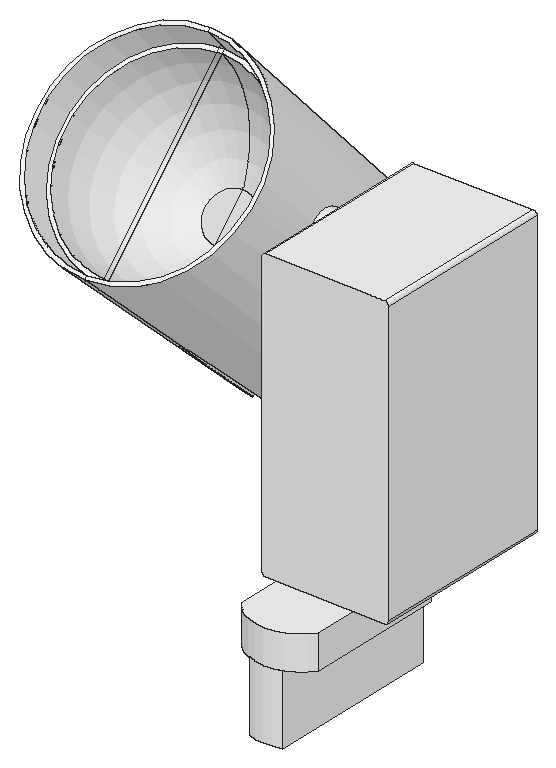
Revit family "0004934 Feilo Sylvania Lighting Fixture START TRACK SPOT S DALI 2087LM 940 WB WHT", category Lighting Fixtures, host Face, Revit 2017
Family settings
  Host = Face
  Round Connector Dimension = Use Diameter
  Part Type = Normal
  OmniClass Number = 23.80.70.00
  OmniClass Title = Lighting
  Cut with Voids When Loaded = No
  Light Source = No
  Shared = No
  Room Calculation Point = No
Parameters (values of type "0004934 START TRACK SPOT S DALI 2087LM 940 WB WHT")
  Weight = "0.966 kg"
  Wattage Comments = ""
  WarrantyStartDate [instance] = "n/a"
  WarrantyGuarantorParts = "n/a"
  WarrantyDurationUnit = "n/a"
  WarrantyDurationParts = "n/a"
  WarrantyDescription = "n/a"
  Voltage = 230 V
  URL = "http://www.sylvania-lighting.com/"
  TypeName = "START TRACK SPOT S DALI 2087LM 940 WB WHT"
  TypeHead_FEILO = Start Track Spot Head : 0004876 START TRACK SPOT S 24W 4K RA90 WB WHITE
  TypeBox_FEILO = Start Track Spot Box : Type Small White
  Type Image = <None>
  Type Comments = "n/a"
  VerticalRotation_FEILO [instance] = 0.00°
  SlideEndAngle_FEILO [instance] = VerticalRotation_FEILO + 180.00°  # 180.00°
  SerialNumber [instance] = "n/a"
  Material_3_FEILO = none
  PowerFactor = 0.95
  PowerConsumption = "24 W"
  NominalLength = 0 mm
  NominalHeight = 200 mm
  NominalDepth = 140 mm
  Name = "START TRACK SPOT S DALI 2087LM 940 WB WHT"
  ModelReference = Name  # "START TRACK SPOT S DALI 2087LM 940 WB WHT"
  ModelNumber = "0004934"
  Model = Name  # "START TRACK SPOT S DALI 2087LM 940 WB WHT"
  Material = "adc12 aluminium housing, polycarbonate diffuser"
  ManufacturerName = "Feilo Sylvania"
  Manufacturer = "Feilo Sylvania"
  LuminousEfficacy = "87 lm/W"
  LuminaireType = ""
  LightOutputRatio = "100"
  LampsType = Lamp  # "LED"
  LampNominalLuminous = "2087 lm"
  LampMacAdamStep = "3"
  LampColourTemperature = "4000 K"
  LampColourRenderingIndex = "90"
  Lamp = "LED"
  Keynote = "16500"
  InstallationDate [instance] = "n/a"
  InputVoltage = "230-240V~"
  InputNominalFrequency = "50/60 Hz"
  IngressProtection = "IP20"
  ImpactProtectionIndex = "IK02"
  IfcExportType = "IfcLightFixtureType"
  IfcExportAs = "IfcLightFixtureType"
  HorizontalRotation_FEILO [instance] = 45.00°
  ExpectedLife = 50000
  ElectricShockClassification = "Class II"
  DurationUnit = "hours"
  DocumentationLiterature = "http://www.sylvania-lighting.com/product/en-int/products/0004876"
  DimmingControlOptions = "Dimmable"
  Material_2_FEILO = none
  Description = "Integrated LED spotlight, Textured White - RAL9016, compact and minimalist design, ideal for retail applications, die-cast aluminium body, passive cooling heatsink. Beam angle: 64°, color temperature: 4000K , total system power: 24W, total fixture output: 2087 lm, LOR: 100%, colour rendering: Ra: 90 typical, LED Chromaticity: 3 step MacAdam ellipse, lifetime: >50000 hours at L70B50, energy class: A++, A+, A, IR/UV free light source without heat radiation, operating voltage: 220-240V / 50-60Hz, drive current: 600mA, electronic driver, non-dimmable, power factor: 0.95, electrical protection: Class II, Global Track 3 Phase adapter suitable for Global trac 3-circuit tracks, ingress protection rating: IP20, suitable for internal environment only, horizontal rotation: 355°, vertical tilt: 90°, dimensions: Ø86x140x200, weight: 0.966kg."
  Default Elevation = 1219.2 mm
  CreatedOn = "04/26/2018"
  CreatedBy = ""
  Cost = 0
  built-in parameter 1114216 [instance] = (empty or 0)
  ClassificationValue = "EF_70_80"
  ClassificationName = "Uniclass2015"
  Material_1_FEILO = Body-Sylvania-StartTrackSpot-White
  BarCode [instance] = "n/a"
  AssetType = "Fixed"
  AssetIdentifier [instance] = "n/a"
  Assembly Code = "D5020200"
  Apparent Load = 24 VA
  Material_4_FEILO = none
Reference planes
  plane 1 "Center (Front/Back)": y = 0
  plane 2: z = 0
  plane 3 "Center (Left/Right)": x = 0
  plane 4: x = 15
  plane 5: x = -15
  plane 6: y = 35
  plane 7: y = -35
  plane 8: z = 13
  plane 9: z = -27
  plane 10: x = 6.5
  plane 11: x = -6.5
  plane 12: y = 27
  plane 13: y = -27
  plane 14: y = 20
Forms (mm)
  Extrusion 1, solid, material "Body-Sylvania-StartTrackSpot-White" <- "Material_1_FEILO"
    sketch origin (0, 0, 0) x (1, 0, 0) y (0, 1, 0)
      loop
        line (-15, 27) -> (-15, -27)
        arc (-15, -27) -> (0, -35) -> (15, -27) r 18.062
        line (15, -27) -> (15, 27)
        arc (15, 27) -> (0, 35) -> (-15, 27) r 18.062
    from 0 to 13
  Extrusion 2, solid, material "Body-Sylvania-StartTrackSpot-White" <- "Material_1_FEILO"
    sketch origin (0, 0, 0) x (1, 0, 0) y (0, 1, 0)
      loop
        arc (6.5, 33.79) -> (0, 35) -> (-6.5, 33.79) r 18.062
        line (-6.5, 33.79) -> (-6.5, -33.79)
        arc (-6.5, -33.79) -> (0, -35) -> (6.5, -33.79) r 18.062
        line (6.5, -33.79) -> (6.5, 33.79)
    from 0 to -27
  Revolve 3, solid, not visible
    sketch origin (1524, 20, 1219.2) x (1, 0, 0) y (0, 0, 1)
      loop
        line (-1524, -1206.2) -> (-1524, -1191.285) -> (-1530.5, -1191.285) -> (-1530.5, -1206.2) -> (-1524, -1206.2)
      axis (-1524, -1191.285) -> (-1524, -1206.2)
    angle from 0 <- "VerticalRotation_FEILO" to 180 <- "SlideEndAngle_FEILO"
Cuts and joins
  joined: Extrusion 1, Extrusion 2
Dimensions and locks
  equal spacing: plane 10, plane 3 "Center (Left/Right)", plane 11
  equal spacing: plane 4, plane 3 "Center (Left/Right)", plane 5
  locked: plane 8 to plane 2 at 13
  locked: plane 8 to plane 9 at 40
  equal spacing: plane 13, plane 1 "Center (Front/Back)", plane 12
  locked: plane 12 to plane 6 at 8
  locked: plane 14 to plane 6 at 15
  locked: Revolve 3 sketch curve to plane 8 at 14.915
  aligned and locked: plane 2 to host face
  aligned and locked: level to host face
  aligned and locked: plane 5 to Extrusion 1 sketch curve  (x2)
  aligned and locked: plane 12 to Extrusion 1 sketch curve
  aligned and locked: plane 13 to Extrusion 1 sketch curve
  aligned and locked: plane 4 to Extrusion 1 sketch curve
  aligned and locked: Extrusion 1 to plane 8
  aligned and locked: Extrusion 1 to level
  aligned and locked: Extrusion 2 sketch curve to Extrusion 1  (x2)
  aligned and locked: Extrusion 2 sketch curve to plane 11
  aligned and locked: plane 10 to Extrusion 2 sketch curve
  aligned and locked: plane 9 to Extrusion 2
  aligned and locked: level to Extrusion 2
  aligned and locked: Revolve 3 sketch curve to plane 3 "Center (Left/Right)"  (x2)
  aligned and locked: plane 11 to Revolve 3 sketch curve
  aligned and locked: Revolve 3 sketch curve to plane 8
Automatic sketch dimensions
  host sketch curve to host sketch curve = 2438.4 mm  (x2)
  Extrusion 1 sketch curve to plane 3 "Center (Left/Right)" = 0 mm  (x2)
  Extrusion 1 sketch curve to plane 13 = 10.062 mm
  plane 12 to Extrusion 1 sketch curve = 10.062 mm
  Revolve 3 sketch curve to plane 3 "Center (Left/Right)" = 0 mm
  plane 9 to Revolve 3 sketch curve = 582.6 mm
  Revolve 3 sketch curve to Revolve 3 sketch curve = 2581.144 mm
Nested families
  nested 1: "Start Track Spot Head" at (-62, 20, 112.529) x (0, 0.7071, 0.7071) z (0, 0.7071, -0.7071), type <- "TypeHead_FEILO", type "0004876 START TRACK SPOT S 24W 4K RA90 WB WHITE"
    with built-in parameter 1114216 (empty or 0)
  nested 2: "Start Track Spot Box" at (8.5, 20, 73) x (-1, 0, 0) z (0, -1, 0), BoxStartAngle_FEILO <- "HorizontalRotation_FEILO", type <- "TypeBox_FEILO", type "Type Small White"
    with BoxStartAngle_FEILO 45.00°, BoxEndAngle_FEILO -135.00°
Connectors
  electrical at (0, 0, 0), driven by "Apparent Load", driven by "PowerFactor", driven by "Voltage"
    settings: index 1, voltage 230 V, apparent load 24 VA, apparent load phase1 0 VA, apparent load phase2 0 VA, apparent load phase3 0 VA, power factor 0.95, load classification "Lighting", number of poles 1, system type 30, power factor state 1, is connector primary yes, connector utility no, sub classification motor no, connector description ""
Definition of nested family "Start Track Spot Head"
  Parameters (values of type "0004811 START TRACK SPOT S 14W 3K RA80 NB WHITE")
    Wattage Comments = "n/a"
    Wattage = 14 W
    built-in parameter 1150110 = 1 (stored number, unit not read)
    URL = "http://www.feilosylvania.com"
    Type Image = (empty or 0)
    Type Comments = "n/a"
    built-in parameter 1114217 = 1 (stored number, unit not read)
    Tilt Angle = -90.00°
    built-in parameter 1150109 = 1 (stored number, unit not read)
    built-in parameter 1150134 = (empty or 0)
    built-in parameter 1150113 = 1 (stored number, unit not read)
    Photometric Web File = "0004811.ies"
    Material_3_FEILO = none
    Model = "START TRACK SPOT S 14W 3K RA80 NB WHITE"
    Manufacturer = "Feilo Sylvania"
    built-in parameter 1150105 = 123.66 (stored number, unit not read)
    Lumens = 1554 lm
    built-in parameter 1150115 = 1 (stored number, unit not read)
    built-in parameter 1150137 = (empty or 0)
    built-in parameter 1150139 = (empty or 0)
    built-in parameter 1150112 = 1 (stored number, unit not read)
    built-in parameter 1150114 = 1 (stored number, unit not read)
    Lamp = "LED"
    Keynote = "16500"
    Material_2_FEILO = none
    built-in parameter 1150132 = (empty or 0)
    built-in parameter 1150102 = (empty or 0)
    built-in parameter 1150107 = 3000 (stored number, unit not read)
    built-in parameter 1150138 = (empty or 0)
    built-in parameter 1150106 = 1.2366 (stored number, unit not read)
    HeadThickness_FEILO = if(HeadDiaOut_FEILO > 112 mm, 2 mm, 1.5 mm)  # 1.5 mm
    HeadRibOffset_FEILO = HeadHeight_FEILO / 28  # 4.179 mm
    HeadRibDepth_FEILO = HeadHeight_FEILO / 2.1  # 55.714 mm
    HeadRibCutWidth_FEILO = HeadDiaOut_FEILO / 12  # 7.167 mm
    HeadRibCutOffset_FEILO = HeadHeight_FEILO / 2.3  # 50.87 mm
    HeadReflectorRadius_FEILO = HeadDiaOut_FEILO / 1.7  # 50.588 mm
    HeadReflectorOffset_FEILO = HeadHeight_FEILO / 2.1  # 55.714 mm
    HeadLEDRadius_FEILO = HeadDiaOut_FEILO / 9  # 9.556 mm
    HeadHeight_FEILO = 117 mm
    HeadDraft_FEILO = 1 mm
    HeadDiffusorThickness_FEILO = 3 mm
    HeadDiffusorOffset_FEILO = HeadHeight_FEILO / 12.4  # 9.435 mm
    HeadDiaOut_FEILO = 86 mm
    HeadDiaIn_FEILO = HeadDiaOut_FEILO / 1.11  # 77.477 mm
    HeadAxisFromTop_FEILO = HeadHeight_FEILO / 1.687  # 69.354 mm
    Emit from Circle Diameter = HeadDiaIn_FEILO  # 77.477 mm
    Emit Shape Visible in Rendering = no
    built-in parameter 1150104 = 10.312 (stored number, unit not read)
    Dimming Lamp Color Temperature Shift = (empty or 0)
    Description = "Integrated LED spotlight, Textured White - RAL9016, compact and minimalist design, ideal for retail applications, die-cast aluminium body, passive cooling heatsink. Beam angle: 12°, color temperature: 3000K , total system power: 14W, total fixture output: 1551 lm, LOR: 100%, colour rendering: Ra: 80 typical, LED Chromaticity: 3 step MacAdam ellipse, lifetime: >50000 hours at L70B50, energy class: A++, A+, A, IR/UV free light source without heat radiation, operating voltage: 220-240V / 50-60Hz, drive current: 350mA, electronic driver, non-dimmable, power factor: 0.92, electrical protection: Class II, Global Track 3 Phase adapter suitable for Global trac 3-circuit tracks, ingress protection rating: IP20, suitable for internal environment only, horizontal rotation: 355°, vertical tilt: 90°, dimensions: Ø86x140x200, weight: 0.940kg."
    Default Elevation = 1219.2 mm
    Cost = 0
    Color Filter = 16777215
    built-in parameter 1114216 [instance] = (empty or 0)
    Material_1_FEILO = none
    built-in parameter 1114218 = 1 (stored number, unit not read)
    built-in parameter 1150133 = 10 (stored number, unit not read)
    Assembly Code = "D5020200"
    Apparent Load = 14 VA
    Material_4_FEILO = none
  Types (96, lengths in mm): name | Wattage | built-in parameter 1150134 | Photometric Web File | Model | built-in parameter 1150105 | Lumens | built-in parameter 1150107 | built-in parameter 1150106 | HeadThickness_FEILO | HeadRibOffset_FEILO | HeadRibDepth_FEILO | HeadRibCutWidth_FEILO | HeadRibCutOffset_FEILO | HeadReflectorRadius_FEILO | HeadReflectorOffset_FEILO | HeadLEDRadius_FEILO | HeadHeight_FEILO | HeadDiffusorOffset_FEILO | HeadDiaOut_FEILO | HeadDiaIn_FEILO | HeadAxisFromTop_FEILO | Emit from Circle Diameter | built-in parameter 1150104 | Description | Apparent Load
    0004906 START TRACK SPOT L 55W 4K RA90 WB BLACK | 55 W | 12 | "0004906.ies" | "START TRACK SPOT L 55W 4K RA90 WB BLACK" | 385.15 (stored number, unit not read) | 4840 lm | 4000 (stored number, unit not read) | 3.8515 (stored number, unit not read) | 2 | 4.429 | 59.048 | 9.417 | 53.913 | 66.471 | 59.048 | 12.556 | 124 | 10 | 113 | 101.802 | 73.503 | 101.802 | 8.1755 (stored number, unit not read) | "Integrated LED spotlight, Textured Black - RAL9005, compact and minimalist design, ideal for retail applications, die-cast aluminium body, passive cooling heatsink. Beam angle: 52°, color temperature: 4000K , total system power: 55W, total fixture output: 4824 lm, LOR: 100%, colour rendering: Ra: 90 typical, LED Chromaticity: 3 step MacAdam ellipse, lifetime: >50000 hours at L70B50, energy class: A++, A+, A, IR/UV free light source without heat radiation, operating voltage: 220-240V / 50-60Hz, drive current: 1400mA, electronic driver, non-dimmable, power factor: 0.96, electrical protection: Class II, Global Track 3 Phase adapter suitable for Global trac 3-circuit tracks, ingress protection rating: IP20, suitable for internal environment only, horizontal rotation: 355°, vertical tilt: 90°, dimensions: Ø113x164x240, weight: 1.398kg." | 55 VA
    0004905 START TRACK SPOT L 55W 4K RA90 MB BLACK | 55 W | 12 | "0004905.ies" | "START TRACK SPOT L 55W 4K RA90 MB BLACK" | 389.53 (stored number, unit not read) | 4895 lm | 4000 (stored number, unit not read) | 3.8953 (stored number, unit not read) | 2 | 4.429 | 59.048 | 9.417 | 53.913 | 66.471 | 59.048 | 12.556 | 124 | 10 | 113 | 101.802 | 73.503 | 101.802 | 8.2684 (stored number, unit not read) | "Integrated LED spotlight, Textured Black - RAL9005, compact and minimalist design, ideal for retail applications, die-cast aluminium body, passive cooling heatsink. Beam angle: 38°, color temperature: 4000K , total system power: 55W, total fixture output: 4897 lm, LOR: 100%, colour rendering: Ra: 90 typical, LED Chromaticity: 3 step MacAdam ellipse, lifetime: >50000 hours at L70B50, energy class: A++, A+, A, IR/UV free light source without heat radiation, operating voltage: 220-240V / 50-60Hz, drive current: 1400mA, electronic driver, non-dimmable, power factor: 0.96, electrical protection: Class II, Global Track 3 Phase adapter suitable for Global trac 3-circuit tracks, ingress protection rating: IP20, suitable for internal environment only, horizontal rotation: 355°, vertical tilt: 90°, dimensions: Ø113x164x240, weight: 1.398kg." | 55 VA
    0004904 START TRACK SPOT L 55W 4K RA90 NB BLACK | 55 W | 12 | "0004904.ies" | "START TRACK SPOT L 55W 4K RA90 NB BLACK" | 393.91 (stored number, unit not read) | 4950 lm | 4000 (stored number, unit not read) | 3.9391 (stored number, unit not read) | 2 | 4.429 | 59.048 | 9.417 | 53.913 | 66.471 | 59.048 | 12.556 | 124 | 10 | 113 | 101.802 | 73.503 | 101.802 | 8.3613 (stored number, unit not read) | "Integrated LED spotlight, Textured Black - RAL9005, compact and minimalist design, ideal for retail applications, die-cast aluminium body, passive cooling heatsink. Beam angle: 15°, color temperature: 4000K , total system power: 55W, total fixture output: 4965 lm, LOR: 100%, colour rendering: Ra: 90 typical, LED Chromaticity: 3 step MacAdam ellipse, lifetime: >50000 hours at L70B50, energy class: A++, A+, A, IR/UV free light source without heat radiation, operating voltage: 220-240V / 50-60Hz, drive current: 1400mA, electronic driver, non-dimmable, power factor: 0.96, electrical protection: Class II, Global Track 3 Phase adapter suitable for Global trac 3-circuit tracks, ingress protection rating: IP20, suitable for internal environment only, horizontal rotation: 355°, vertical tilt: 90°, dimensions: Ø113x164x240, weight: 1.398kg." | 55 VA
    0004903 START TRACK SPOT L 35W 4K RA90 WB BLACK | 35 W | 12 | "0004903.ies" | "START TRACK SPOT L 35W 4K RA90 WB BLACK" | 284.09 (stored number, unit not read) | 3570 lm | 4000 (stored number, unit not read) | 2.8409 (stored number, unit not read) | 2 | 4.429 | 59.048 | 9.417 | 53.913 | 66.471 | 59.048 | 12.556 | 124 | 10 | 113 | 101.802 | 73.503 | 101.802 | 9.4761 (stored number, unit not read) | "Integrated LED spotlight, Textured Black - RAL9005, compact and minimalist design, ideal for retail applications, die-cast aluminium body, passive cooling heatsink. Beam angle: 52°, color temperature: 4000K , total system power: 35W, total fixture output: 3562 lm, LOR: 100%, colour rendering: Ra: 90 typical, LED Chromaticity: 3 step MacAdam ellipse, lifetime: >50000 hours at L70B50, energy class: A++, A+, A, IR/UV free light source without heat radiation, operating voltage: 220-240V / 50-60Hz, drive current: 900mA, electronic driver, non-dimmable, power factor: 0.93, electrical protection: Class II, Global Track 3 Phase adapter suitable for Global trac 3-circuit tracks, ingress protection rating: IP20, suitable for internal environment only, horizontal rotation: 355°, vertical tilt: 90°, dimensions: Ø113x164x240, weight: 1.368kg." | 35 VA
    0004902 START TRACK SPOT L 35W 4K RA90 MB BLACK | 35 W | 12 | "0004902.ies" | "START TRACK SPOT L 35W 4K RA90 MB BLACK" | 286.88 (stored number, unit not read) | 3605 lm | 4000 (stored number, unit not read) | 2.8688 (stored number, unit not read) | 2 | 4.429 | 59.048 | 9.417 | 53.913 | 66.471 | 59.048 | 12.556 | 124 | 10 | 113 | 101.802 | 73.503 | 101.802 | 9.569 (stored number, unit not read) | "Integrated LED spotlight, Textured Black - RAL9005, compact and minimalist design, ideal for retail applications, die-cast aluminium body, passive cooling heatsink. Beam angle: 38°, color temperature: 4000K , total system power: 35W, total fixture output: 3616 lm, LOR: 100%, colour rendering: Ra: 90 typical, LED Chromaticity: 3 step MacAdam ellipse, lifetime: >50000 hours at L70B50, energy class: A++, A+, A, IR/UV free light source without heat radiation, operating voltage: 220-240V / 50-60Hz, drive current: 900mA, electronic driver, non-dimmable, power factor: 0.93, electrical protection: Class II, Global Track 3 Phase adapter suitable for Global trac 3-circuit tracks, ingress protection rating: IP20, suitable for internal environment only, horizontal rotation: 355°, vertical tilt: 90°, dimensions: Ø113x164x240, weight: 1.368kg." | 35 VA
    0004901 START TRACK SPOT L 35W 4K RA90 NB BLACK | 35 W | 12 | "0004901.ies" | "START TRACK SPOT L 35W 4K RA90 NB BLACK" | 286.88 (stored number, unit not read) | 3605 lm | 4000 (stored number, unit not read) | 2.8688 (stored number, unit not read) | 2 | 4.429 | 59.048 | 9.417 | 53.913 | 66.471 | 59.048 | 12.556 | 124 | 10 | 113 | 101.802 | 73.503 | 101.802 | 9.569 (stored number, unit not read) | "Integrated LED spotlight, Textured Black - RAL9005, compact and minimalist design, ideal for retail applications, die-cast aluminium body, passive cooling heatsink. Beam angle: 15°, color temperature: 4000K , total system power: 35W, total fixture output: 3593 lm, LOR: 100%, colour rendering: Ra: 90 typical, LED Chromaticity: 3 step MacAdam ellipse, lifetime: >50000 hours at L70B50, energy class: A++, A+, A, IR/UV free light source without heat radiation, operating voltage: 220-240V / 50-60Hz, drive current: 900mA, electronic driver, non-dimmable, power factor: 0.93, electrical protection: Class II, Global Track 3 Phase adapter suitable for Global trac 3-circuit tracks, ingress protection rating: IP20, suitable for internal environment only, horizontal rotation: 355°, vertical tilt: 90°, dimensions: Ø113x164x240, weight: 1.368kg." | 35 VA
    0004900 START TRACK SPOT S 24W 4K RA90 WB BLACK | 24 W | 12 | "0004900.ies" | "START TRACK SPOT S 24W 4K RA90 WB BLACK" | 166.16 (stored number, unit not read) | 2088 lm | 4000 (stored number, unit not read) | 1.6616 (stored number, unit not read) | 1.5 | 4.179 | 55.714 | 7.167 | 50.87 | 50.588 | 55.714 | 9.556 | 117 | 9.435 | 86 | 77.477 | 69.354 | 77.477 | 8.0826 (stored number, unit not read) | "Integrated LED spotlight, Textured Black - RAL9005, compact and minimalist design, ideal for retail applications, die-cast aluminium body, passive cooling heatsink. Beam angle: 64°, color temperature: 4000K , total system power: 24W, total fixture output: 2087 lm, LOR: 100%, colour rendering: Ra: 90 typical, LED Chromaticity: 3 step MacAdam ellipse, lifetime: >50000 hours at L70B50, energy class: A++, A+, A, IR/UV free light source without heat radiation, operating voltage: 220-240V / 50-60Hz, drive current: 600mA, electronic driver, non-dimmable, power factor: 0.95, electrical protection: Class II, Global Track 3 Phase adapter suitable for Global trac 3-circuit tracks, ingress protection rating: IP20, suitable for internal environment only, horizontal rotation: 355°, vertical tilt: 90°, dimensions: Ø86x140x200, weight: 0.966kg." | 24 VA
    0004899 START TRACK SPOT S 24W 4K RA90 MB BLACK | 24 W | 12 | "0004899.ies" | "START TRACK SPOT S 24W 4K RA90 MB BLACK" | 169.98 (stored number, unit not read) | 2136 lm | 4000 (stored number, unit not read) | 1.6998 (stored number, unit not read) | 1.5 | 4.179 | 55.714 | 7.167 | 50.87 | 50.588 | 55.714 | 9.556 | 117 | 9.435 | 86 | 77.477 | 69.354 | 77.477 | 8.2684 (stored number, unit not read) | "Integrated LED spotlight, Textured Black - RAL9005, compact and minimalist design, ideal for retail applications, die-cast aluminium body, passive cooling heatsink. Beam angle: 36°, color temperature: 4000K , total system power: 24W, total fixture output: 2141 lm, LOR: 100%, colour rendering: Ra: 90 typical, LED Chromaticity: 3 step MacAdam ellipse, lifetime: >50000 hours at L70B50, energy class: A++, A+, A, IR/UV free light source without heat radiation, operating voltage: 220-240V / 50-60Hz, drive current: 600mA, electronic driver, non-dimmable, power factor: 0.95, electrical protection: Class II, Global Track 3 Phase adapter suitable for Global trac 3-circuit tracks, ingress protection rating: IP20, suitable for internal environment only, horizontal rotation: 355°, vertical tilt: 90°, dimensions: Ø86x140x200, weight: 0.966kg." | 24 VA
    0004898 START TRACK SPOT S 24W 4K RA90 NB BLACK | 24 W | 12 | "0004898.ies" | "START TRACK SPOT S 24W 4K RA90 NB BLACK" | 171.89 (stored number, unit not read) | 2160 lm | 4000 (stored number, unit not read) | 1.7189 (stored number, unit not read) | 1.5 | 4.179 | 55.714 | 7.167 | 50.87 | 50.588 | 55.714 | 9.556 | 117 | 9.435 | 86 | 77.477 | 69.354 | 77.477 | 8.3613 (stored number, unit not read) | "Integrated LED spotlight, Textured Black - RAL9005, compact and minimalist design, ideal for retail applications, die-cast aluminium body, passive cooling heatsink. Beam angle: 12°, color temperature: 4000K , total system power: 24W, total fixture output: 2155 lm, LOR: 100%, colour rendering: Ra: 90 typical, LED Chromaticity: 3 step MacAdam ellipse, lifetime: >50000 hours at L70B50, energy class: A++, A+, A, IR/UV free light source without heat radiation, operating voltage: 220-240V / 50-60Hz, drive current: 600mA, electronic driver, non-dimmable, power factor: 0.95, electrical protection: Class II, Global Track 3 Phase adapter suitable for Global trac 3-circuit tracks, ingress protection rating: IP20, suitable for internal environment only, horizontal rotation: 355°, vertical tilt: 90°, dimensions: Ø86x140x200, weight: 0.966kg." | 24 VA
    0004897 START TRACK SPOT S 14W 4K RA90 WB BLACK | 14 W | 12 | "0004897.ies" | "START TRACK SPOT S 14W 4K RA90 WB BLACK" | 108.07 (stored number, unit not read) | 1358 lm | 4000 (stored number, unit not read) | 1.0807 (stored number, unit not read) | 1.5 | 4.179 | 55.714 | 7.167 | 50.87 | 50.588 | 55.714 | 9.556 | 117 | 9.435 | 86 | 77.477 | 69.354 | 77.477 | 9.0116 (stored number, unit not read) | "Integrated LED spotlight, Textured Black - RAL9005, compact and minimalist design, ideal for retail applications, die-cast aluminium body, passive cooling heatsink. Beam angle: 64°, color temperature: 4000K , total system power: 14W, total fixture output: 1352 lm, LOR: 100%, colour rendering: Ra: 90 typical, LED Chromaticity: 3 step MacAdam ellipse, lifetime: >50000 hours at L70B50, energy class: A++, A+, A, IR/UV free light source without heat radiation, operating voltage: 220-240V / 50-60Hz, drive current: 350mA, electronic driver, non-dimmable, power factor: 0.92, electrical protection: Class II, Global Track 3 Phase adapter suitable for Global trac 3-circuit tracks, ingress protection rating: IP20, suitable for internal environment only, horizontal rotation: 355°, vertical tilt: 90°, dimensions: Ø86x140x200, weight: 0.940kg." | 14 VA
    0004896 START TRACK SPOT S 14W 4K RA90 MB BLACK | 14 W | 12 | "0004896.ies" | "START TRACK SPOT S 14W 4K RA90 MB BLACK" | 108.07 (stored number, unit not read) | 1358 lm | 4000 (stored number, unit not read) | 1.0807 (stored number, unit not read) | 1.5 | 4.179 | 55.714 | 7.167 | 50.87 | 50.588 | 55.714 | 9.556 | 117 | 9.435 | 86 | 77.477 | 69.354 | 77.477 | 9.0116 (stored number, unit not read) | "Integrated LED spotlight, Textured Black - RAL9005, compact and minimalist design, ideal for retail applications, die-cast aluminium body, passive cooling heatsink. Beam angle: 36°, color temperature: 4000K , total system power: 14W, total fixture output: 1359 lm, LOR: 100%, colour rendering: Ra: 90 typical, LED Chromaticity: 3 step MacAdam ellipse, lifetime: >50000 hours at L70B50, energy class: A++, A+, A, IR/UV free light source without heat radiation, operating voltage: 220-240V / 50-60Hz, drive current: 350mA, electronic driver, non-dimmable, power factor: 0.92, electrical protection: Class II, Global Track 3 Phase adapter suitable for Global trac 3-circuit tracks, ingress protection rating: IP20, suitable for internal environment only, horizontal rotation: 355°, vertical tilt: 90°, dimensions: Ø86x140x200, weight: 0.940kg." | 14 VA
    0004895 START TRACK SPOT S 14W 4K RA90 NB BLACK | 14 W | 12 | "0004895.ies" | "START TRACK SPOT S 14W 4K RA90 NB BLACK" | 106.95 (stored number, unit not read) | 1344 lm | 4000 (stored number, unit not read) | 1.0695 (stored number, unit not read) | 1.5 | 4.179 | 55.714 | 7.167 | 50.87 | 50.588 | 55.714 | 9.556 | 117 | 9.435 | 86 | 77.477 | 69.354 | 77.477 | 8.9187 (stored number, unit not read) | "Integrated LED spotlight, Textured Black - RAL9005, compact and minimalist design, ideal for retail applications, die-cast aluminium body, passive cooling heatsink. Beam angle: 12°, color temperature: 4000K , total system power: 14W, total fixture output: 1349 lm, LOR: 100%, colour rendering: Ra: 90 typical, LED Chromaticity: 3 step MacAdam ellipse, lifetime: >50000 hours at L70B50, energy class: A++, A+, A, IR/UV free light source without heat radiation, operating voltage: 220-240V / 50-60Hz, drive current: 350mA, electronic driver, non-dimmable, power factor: 0.92, electrical protection: Class II, Global Track 3 Phase adapter suitable for Global trac 3-circuit tracks, ingress protection rating: IP20, suitable for internal environment only, horizontal rotation: 355°, vertical tilt: 90°, dimensions: Ø86x140x200, weight: 0.940kg." | 14 VA
    0004894 START TRACK SPOT L 55W 3K RA90 WB BLACK | 55 W | (empty or 0) | "0004894.ies" | "START TRACK SPOT L 55W 3K RA90 WB BLACK" | 350.14 (stored number, unit not read) | 4400 lm | 3000 (stored number, unit not read) | 3.5014 (stored number, unit not read) | 2 | 4.429 | 59.048 | 9.417 | 53.913 | 66.471 | 59.048 | 12.556 | 124 | 10 | 113 | 101.802 | 73.503 | 101.802 | 7.4322 (stored number, unit not read) | "Integrated LED spotlight, Textured Black - RAL9005, compact and minimalist design, ideal for retail applications, die-cast aluminium body, passive cooling heatsink. Beam angle: 52°, color temperature: 3000K , total system power: 55W, total fixture output: 4405 lm, LOR: 100%, colour rendering: Ra: 90 typical, LED Chromaticity: 3 step MacAdam ellipse, lifetime: >50000 hours at L70B50, energy class: A++, A+, A, IR/UV free light source without heat radiation, operating voltage: 220-240V / 50-60Hz, drive current: 1400mA, electronic driver, non-dimmable, power factor: 0.96, electrical protection: Class II, Global Track 3 Phase adapter suitable for Global trac 3-circuit tracks, ingress protection rating: IP20, suitable for internal environment only, horizontal rotation: 355°, vertical tilt: 90°, dimensions: Ø113x164x240, weight: 1.398kg." | 55 VA
    0004893 START TRACK SPOT L 55W 3K RA90 MB BLACK | 55 W | (empty or 0) | "0004893.ies" | "START TRACK SPOT L 55W 3K RA90 MB BLACK" | 354.52 (stored number, unit not read) | 4455 lm | 3000 (stored number, unit not read) | 3.5452 (stored number, unit not read) | 2 | 4.429 | 59.048 | 9.417 | 53.913 | 66.471 | 59.048 | 12.556 | 124 | 10 | 113 | 101.802 | 73.503 | 101.802 | 7.5251 (stored number, unit not read) | "Integrated LED spotlight, Textured Black - RAL9005, compact and minimalist design, ideal for retail applications, die-cast aluminium body, passive cooling heatsink. Beam angle: 38°, color temperature: 3000K , total system power: 55W, total fixture output: 4448 lm, LOR: 100%, colour rendering: Ra: 90 typical, LED Chromaticity: 3 step MacAdam ellipse, lifetime: >50000 hours at L70B50, energy class: A++, A+, A, IR/UV free light source without heat radiation, operating voltage: 220-240V / 50-60Hz, drive current: 1400mA, electronic driver, non-dimmable, power factor: 0.96, electrical protection: Class II, Global Track 3 Phase adapter suitable for Global trac 3-circuit tracks, ingress protection rating: IP20, suitable for internal environment only, horizontal rotation: 355°, vertical tilt: 90°, dimensions: Ø113x164x240, weight: 1.398kg." | 55 VA
    0004892 START TRACK SPOT L 55W 3K RA90 NB BLACK | 55 W | (empty or 0) | "0004892.ies" | "START TRACK SPOT L 55W 3K RA90 NB BLACK" | 350.14 (stored number, unit not read) | 4400 lm | 3000 (stored number, unit not read) | 3.5014 (stored number, unit not read) | 2 | 4.429 | 59.048 | 9.417 | 53.913 | 66.471 | 59.048 | 12.556 | 124 | 10 | 113 | 101.802 | 73.503 | 101.802 | 7.4322 (stored number, unit not read) | "Integrated LED spotlight, Textured Black - RAL9005, compact and minimalist design, ideal for retail applications, die-cast aluminium body, passive cooling heatsink. Beam angle: 15°, color temperature: 3000K , total system power: 55W, total fixture output: 4416 lm, LOR: 100%, colour rendering: Ra: 90 typical, LED Chromaticity: 3 step MacAdam ellipse, lifetime: >50000 hours at L70B50, energy class: A++, A+, A, IR/UV free light source without heat radiation, operating voltage: 220-240V / 50-60Hz, drive current: 1400mA, electronic driver, non-dimmable, power factor: 0.96, electrical protection: Class II, Global Track 3 Phase adapter suitable for Global trac 3-circuit tracks, ingress protection rating: IP20, suitable for internal environment only, horizontal rotation: 355°, vertical tilt: 90°, dimensions: Ø113x164x240, weight: 1.398kg." | 55 VA
    0004891 START TRACK SPOT L 35W 3K RA90 WB BLACK | 35 W | (empty or 0) | "0004891.ies" | "START TRACK SPOT L 35W 3K RA90 WB BLACK" | 259.02 (stored number, unit not read) | 3255 lm | 3000 (stored number, unit not read) | 2.5902 (stored number, unit not read) | 2 | 4.429 | 59.048 | 9.417 | 53.913 | 66.471 | 59.048 | 12.556 | 124 | 10 | 113 | 101.802 | 73.503 | 101.802 | 8.64 (stored number, unit not read) | "Integrated LED spotlight, Textured Black - RAL9005, compact and minimalist design, ideal for retail applications, die-cast aluminium body, passive cooling heatsink. Beam angle: 52°, color temperature: 3000K , total system power: 35W, total fixture output: 3260 lm, LOR: 100%, colour rendering: Ra: 90 typical, LED Chromaticity: 3 step MacAdam ellipse, lifetime: >50000 hours at L70B50, energy class: A++, A+, A, IR/UV free light source without heat radiation, operating voltage: 220-240V / 50-60Hz, drive current: 900mA, electronic driver, non-dimmable, power factor: 0.93, electrical protection: Class II, Global Track 3 Phase adapter suitable for Global trac 3-circuit tracks, ingress protection rating: IP20, suitable for internal environment only, horizontal rotation: 355°, vertical tilt: 90°, dimensions: Ø113x164x240, weight: 1.368kg." | 35 VA
    0004890 START TRACK SPOT L 35W 3K RA90 MB BLACK | 35 W | (empty or 0) | "0004890.ies" | "START TRACK SPOT L 35W 3K RA90 MB BLACK" | 261.81 (stored number, unit not read) | 3290 lm | 3000 (stored number, unit not read) | 2.6181 (stored number, unit not read) | 2 | 4.429 | 59.048 | 9.417 | 53.913 | 66.471 | 59.048 | 12.556 | 124 | 10 | 113 | 101.802 | 73.503 | 101.802 | 8.7329 (stored number, unit not read) | "Integrated LED spotlight, Textured Black - RAL9005, compact and minimalist design, ideal for retail applications, die-cast aluminium body, passive cooling heatsink. Beam angle: 38°, color temperature: 3000K , total system power: 35W, total fixture output: 3306 lm, LOR: 100%, colour rendering: Ra: 90 typical, LED Chromaticity: 3 step MacAdam ellipse, lifetime: >50000 hours at L70B50, energy class: A++, A+, A, IR/UV free light source without heat radiation, operating voltage: 220-240V / 50-60Hz, drive current: 900mA, electronic driver, non-dimmable, power factor: 0.93, electrical protection: Class II, Global Track 3 Phase adapter suitable for Global trac 3-circuit tracks, ingress protection rating: IP20, suitable for internal environment only, horizontal rotation: 355°, vertical tilt: 90°, dimensions: Ø113x164x240, weight: 1.368kg." | 35 VA
    0004889 START TRACK SPOT L 35W 3K RA90 NB BLACK | 35 W | (empty or 0) | "0004889.ies" | "START TRACK SPOT L 35W 3K RA90 NB BLACK" | 261.81 (stored number, unit not read) | 3290 lm | 3000 (stored number, unit not read) | 2.6181 (stored number, unit not read) | 2 | 4.429 | 59.048 | 9.417 | 53.913 | 66.471 | 59.048 | 12.556 | 124 | 10 | 113 | 101.802 | 73.503 | 101.802 | 8.7329 (stored number, unit not read) | "Integrated LED spotlight, Textured Black - RAL9005, compact and minimalist design, ideal for retail applications, die-cast aluminium body, passive cooling heatsink. Beam angle: 15°, color temperature: 3000K , total system power: 35W, total fixture output: 3287 lm, LOR: 100%, colour rendering: Ra: 90 typical, LED Chromaticity: 3 step MacAdam ellipse, lifetime: >50000 hours at L70B50, energy class: A++, A+, A, IR/UV free light source without heat radiation, operating voltage: 220-240V / 50-60Hz, drive current: 900mA, electronic driver, non-dimmable, power factor: 0.93, electrical protection: Class II, Global Track 3 Phase adapter suitable for Global trac 3-circuit tracks, ingress protection rating: IP20, suitable for internal environment only, horizontal rotation: 355°, vertical tilt: 90°, dimensions: Ø113x164x240, weight: 1.368kg." | 35 VA
    0004888 START TRACK SPOT S 24W 3K RA90 WB BLACK | 24 W | (empty or 0) | "0004888.ies" | "START TRACK SPOT S 24W 3K RA90 WB BLACK" | 152.79 (stored number, unit not read) | 1920 lm | 3000 (stored number, unit not read) | 1.5279 (stored number, unit not read) | 1.5 | 4.179 | 55.714 | 7.167 | 50.87 | 50.588 | 55.714 | 9.556 | 117 | 9.435 | 86 | 77.477 | 69.354 | 77.477 | 7.4322 (stored number, unit not read) | "Integrated LED spotlight, Textured Black - RAL9005, compact and minimalist design, ideal for retail applications, die-cast aluminium body, passive cooling heatsink. Beam angle: 64°, color temperature: 3000K , total system power: 24W, total fixture output: 1928 lm, LOR: 100%, colour rendering: Ra: 90 typical, LED Chromaticity: 3 step MacAdam ellipse, lifetime: >50000 hours at L70B50, energy class: A++, A+, A, IR/UV free light source without heat radiation, operating voltage: 220-240V / 50-60Hz, drive current: 600mA, electronic driver, non-dimmable, power factor: 0.95, electrical protection: Class II, Global Track 3 Phase adapter suitable for Global trac 3-circuit tracks, ingress protection rating: IP20, suitable for internal environment only, horizontal rotation: 355°, vertical tilt: 90°, dimensions: Ø86x140x200, weight: 0.966kg." | 24 VA
    0004887 START TRACK SPOT S 24W 3K RA90 MB BLACK | 24 W | (empty or 0) | "0004887.ies" | "START TRACK SPOT S 24W 3K RA90 MB BLACK" | 154.7 (stored number, unit not read) | 1944 lm | 3000 (stored number, unit not read) | 1.547 (stored number, unit not read) | 1.5 | 4.179 | 55.714 | 7.167 | 50.87 | 50.588 | 55.714 | 9.556 | 117 | 9.435 | 86 | 77.477 | 69.354 | 77.477 | 7.5251 (stored number, unit not read) | "Integrated LED spotlight, Textured Black - RAL9005, compact and minimalist design, ideal for retail applications, die-cast aluminium body, passive cooling heatsink. Beam angle: 36°, color temperature: 3000K , total system power: 24W, total fixture output: 1944 lm, LOR: 100%, colour rendering: Ra: 90 typical, LED Chromaticity: 3 step MacAdam ellipse, lifetime: >50000 hours at L70B50, energy class: A++, A+, A, IR/UV free light source without heat radiation, operating voltage: 220-240V / 50-60Hz, drive current: 600mA, electronic driver, non-dimmable, power factor: 0.95, electrical protection: Class II, Global Track 3 Phase adapter suitable for Global trac 3-circuit tracks, ingress protection rating: IP20, suitable for internal environment only, horizontal rotation: 355°, vertical tilt: 90°, dimensions: Ø86x140x200, weight: 0.966kg." | 24 VA
    0004886 START TRACK SPOT S 24W 3K RA90 NB BLACK | 24 W | (empty or 0) | "0004886.ies" | "START TRACK SPOT S 24W 3K RA90 NB BLACK" | 158.52 (stored number, unit not read) | 1992 lm | 3000 (stored number, unit not read) | 1.5852 (stored number, unit not read) | 1.5 | 4.179 | 55.714 | 7.167 | 50.87 | 50.588 | 55.714 | 9.556 | 117 | 9.435 | 86 | 77.477 | 69.354 | 77.477 | 7.711 (stored number, unit not read) | "Integrated LED spotlight, Textured Black - RAL9005, compact and minimalist design, ideal for retail applications, die-cast aluminium body, passive cooling heatsink. Beam angle: 12°, color temperature: 3000K , total system power: 24W, total fixture output: 1987 lm, LOR: 100%, colour rendering: Ra: 90 typical, LED Chromaticity: 3 step MacAdam ellipse, lifetime: >50000 hours at L70B50, energy class: A++, A+, A, IR/UV free light source without heat radiation, operating voltage: 220-240V / 50-60Hz, drive current: 600mA, electronic driver, non-dimmable, power factor: 0.95, electrical protection: Class II, Global Track 3 Phase adapter suitable for Global trac 3-circuit tracks, ingress protection rating: IP20, suitable for internal environment only, horizontal rotation: 355°, vertical tilt: 90°, dimensions: Ø86x140x200, weight: 0.966kg." | 24 VA
    0004885 START TRACK SPOT S 14W 3K RA90 WB BLACK | 14 W | (empty or 0) | "0004885.ies" | "START TRACK SPOT S 14W 3K RA90 WB BLACK" | 100.27 (stored number, unit not read) | 1260 lm | 3000 (stored number, unit not read) | 1.0027 (stored number, unit not read) | 1.5 | 4.179 | 55.714 | 7.167 | 50.87 | 50.588 | 55.714 | 9.556 | 117 | 9.435 | 86 | 77.477 | 69.354 | 77.477 | 8.3613 (stored number, unit not read) | "Integrated LED spotlight, Textured Black - RAL9005, compact and minimalist design, ideal for retail applications, die-cast aluminium body, passive cooling heatsink. Beam angle: 64°, color temperature: 3000K , total system power: 14W, total fixture output: 1262 lm, LOR: 100%, colour rendering: Ra: 90 typical, LED Chromaticity: 3 step MacAdam ellipse, lifetime: >50000 hours at L70B50, energy class: A++, A+, A, IR/UV free light source without heat radiation, operating voltage: 220-240V / 50-60Hz, drive current: 350mA, electronic driver, non-dimmable, power factor: 0.92, electrical protection: Class II, Global Track 3 Phase adapter suitable for Global trac 3-circuit tracks, ingress protection rating: IP20, suitable for internal environment only, horizontal rotation: 355°, vertical tilt: 90°, dimensions: Ø86x140x200, weight: 0.940kg." | 14 VA
    0004884 START TRACK SPOT S 14W 3K RA90 MB BLACK | 14 W | (empty or 0) | "0004884.ies" | "START TRACK SPOT S 14W 3K RA90 MB BLACK" | 100.27 (stored number, unit not read) | 1260 lm | 3000 (stored number, unit not read) | 1.0027 (stored number, unit not read) | 1.5 | 4.179 | 55.714 | 7.167 | 50.87 | 50.588 | 55.714 | 9.556 | 117 | 9.435 | 86 | 77.477 | 69.354 | 77.477 | 8.3613 (stored number, unit not read) | "Integrated LED spotlight, Textured Black - RAL9005, compact and minimalist design, ideal for retail applications, die-cast aluminium body, passive cooling heatsink. Beam angle: 36°, color temperature: 3000K , total system power: 14W, total fixture output: 1262 lm, LOR: 100%, colour rendering: Ra: 90 typical, LED Chromaticity: 3 step MacAdam ellipse, lifetime: >50000 hours at L70B50, energy class: A++, A+, A, IR/UV free light source without heat radiation, operating voltage: 220-240V / 50-60Hz, drive current: 350mA, electronic driver, non-dimmable, power factor: 0.92, electrical protection: Class II, Global Track 3 Phase adapter suitable for Global trac 3-circuit tracks, ingress protection rating: IP20, suitable for internal environment only, horizontal rotation: 355°, vertical tilt: 90°, dimensions: Ø86x140x200, weight: 0.940kg." | 14 VA
    0004883 START TRACK SPOT S 14W 3K RA90 NB BLACK | 14 W | (empty or 0) | "0004883.ies" | "START TRACK SPOT S 14W 3K RA90 NB BLACK" | 102.5 (stored number, unit not read) | 1288 lm | 3000 (stored number, unit not read) | 1.025 (stored number, unit not read) | 1.5 | 4.179 | 55.714 | 7.167 | 50.87 | 50.588 | 55.714 | 9.556 | 117 | 9.435 | 86 | 77.477 | 69.354 | 77.477 | 8.5471 (stored number, unit not read) | "Integrated LED spotlight, Textured Black - RAL9005, compact and minimalist design, ideal for retail applications, die-cast aluminium body, passive cooling heatsink. Beam angle: 12°, color temperature: 3000K , total system power: 14W, total fixture output: 1284 lm, LOR: 100%, colour rendering: Ra: 90 typical, LED Chromaticity: 3 step MacAdam ellipse, lifetime: >50000 hours at L70B50, energy class: A++, A+, A, IR/UV free light source without heat radiation, operating voltage: 220-240V / 50-60Hz, drive current: 350mA, electronic driver, non-dimmable, power factor: 0.92, electrical protection: Class II, Global Track 3 Phase adapter suitable for Global trac 3-circuit tracks, ingress protection rating: IP20, suitable for internal environment only, horizontal rotation: 355°, vertical tilt: 90°, dimensions: Ø86x140x200, weight: 0.940kg." | 14 VA
    0004882 START TRACK SPOT L 55W 4K RA90 WB WHITE | 55 W | 12 | "0004882.ies" | "START TRACK SPOT L 55W 4K RA90 WB WHITE" | 385.15 (stored number, unit not read) | 4840 lm | 4000 (stored number, unit not read) | 3.8515 (stored number, unit not read) | 2 | 4.429 | 59.048 | 9.417 | 53.913 | 66.471 | 59.048 | 12.556 | 124 | 10 | 113 | 101.802 | 73.503 | 101.802 | 8.1755 (stored number, unit not read) | "Integrated LED spotlight, Textured White - RAL9016, compact and minimalist design, ideal for retail applications, die-cast aluminium body, passive cooling heatsink. Beam angle: 52°, color temperature: 4000K , total system power: 55W, total fixture output: 4824 lm, LOR: 100%, colour rendering: Ra: 90 typical, LED Chromaticity: 3 step MacAdam ellipse, lifetime: >50000 hours at L70B50, energy class: A++, A+, A, IR/UV free light source without heat radiation, operating voltage: 220-240V / 50-60Hz, drive current: 1400mA, electronic driver, non-dimmable, power factor: 0.96, electrical protection: Class II, Global Track 3 Phase adapter suitable for Global trac 3-circuit tracks, ingress protection rating: IP20, suitable for internal environment only, horizontal rotation: 355°, vertical tilt: 90°, dimensions: Ø113x164x240, weight: 1.398kg." | 55 VA
    0004881 START TRACK SPOT L 55W 4K RA90 MB WHITE | 55 W | 12 | "0004881.ies" | "START TRACK SPOT L 55W 4K RA90 MB WHITE" | 389.53 (stored number, unit not read) | 4895 lm | 4000 (stored number, unit not read) | 3.8953 (stored number, unit not read) | 2 | 4.429 | 59.048 | 9.417 | 53.913 | 66.471 | 59.048 | 12.556 | 124 | 10 | 113 | 101.802 | 73.503 | 101.802 | 8.2684 (stored number, unit not read) | "Integrated LED spotlight, Textured White - RAL9016, compact and minimalist design, ideal for retail applications, die-cast aluminium body, passive cooling heatsink. Beam angle: 38°, color temperature: 4000K , total system power: 55W, total fixture output: 4897 lm, LOR: 100%, colour rendering: Ra: 90 typical, LED Chromaticity: 3 step MacAdam ellipse, lifetime: >50000 hours at L70B50, energy class: A++, A+, A, IR/UV free light source without heat radiation, operating voltage: 220-240V / 50-60Hz, drive current: 1400mA, electronic driver, non-dimmable, power factor: 0.96, electrical protection: Class II, Global Track 3 Phase adapter suitable for Global trac 3-circuit tracks, ingress protection rating: IP20, suitable for internal environment only, horizontal rotation: 355°, vertical tilt: 90°, dimensions: Ø113x164x240, weight: 1.398kg." | 55 VA
    0004880 START TRACK SPOT L 55W 4K RA90 NB WHITE | 55 W | 12 | "0004880.ies" | "START TRACK SPOT L 55W 4K RA90 NB WHITE" | 393.91 (stored number, unit not read) | 4950 lm | 4000 (stored number, unit not read) | 3.9391 (stored number, unit not read) | 2 | 4.429 | 59.048 | 9.417 | 53.913 | 66.471 | 59.048 | 12.556 | 124 | 10 | 113 | 101.802 | 73.503 | 101.802 | 8.3613 (stored number, unit not read) | "Integrated LED spotlight, Textured White - RAL9016, compact and minimalist design, ideal for retail applications, die-cast aluminium body, passive cooling heatsink. Beam angle: 15°, color temperature: 4000K , total system power: 55W, total fixture output: 4965 lm, LOR: 100%, colour rendering: Ra: 90 typical, LED Chromaticity: 3 step MacAdam ellipse, lifetime: >50000 hours at L70B50, energy class: A++, A+, A, IR/UV free light source without heat radiation, operating voltage: 220-240V / 50-60Hz, drive current: 1400mA, electronic driver, non-dimmable, power factor: 0.96, electrical protection: Class II, Global Track 3 Phase adapter suitable for Global trac 3-circuit tracks, ingress protection rating: IP20, suitable for internal environment only, horizontal rotation: 355°, vertical tilt: 90°, dimensions: Ø113x164x240, weight: 1.398kg." | 55 VA
    0004879 START TRACK SPOT L 35W 4K RA90 WB WHITE | 35 W | 12 | "0004879.ies" | "START TRACK SPOT L 35W 4K RA90 WB WHITE" | 284.09 (stored number, unit not read) | 3570 lm | 4000 (stored number, unit not read) | 2.8409 (stored number, unit not read) | 2 | 4.429 | 59.048 | 9.417 | 53.913 | 66.471 | 59.048 | 12.556 | 124 | 10 | 113 | 101.802 | 73.503 | 101.802 | 9.4761 (stored number, unit not read) | "Integrated LED spotlight, Textured White - RAL9016, compact and minimalist design, ideal for retail applications, die-cast aluminium body, passive cooling heatsink. Beam angle: 52°, color temperature: 4000K , total system power: 35W, total fixture output: 3562 lm, LOR: 100%, colour rendering: Ra: 90 typical, LED Chromaticity: 3 step MacAdam ellipse, lifetime: >50000 hours at L70B50, energy class: A++, A+, A, IR/UV free light source without heat radiation, operating voltage: 220-240V / 50-60Hz, drive current: 900mA, electronic driver, non-dimmable, power factor: 0.93, electrical protection: Class II, Global Track 3 Phase adapter suitable for Global trac 3-circuit tracks, ingress protection rating: IP20, suitable for internal environment only, horizontal rotation: 355°, vertical tilt: 90°, dimensions: Ø113x164x240, weight: 1.368kg." | 35 VA
    0004878 START TRACK SPOT L 35W 4K RA90 MB WHITE | 35 W | 12 | "0004878.ies" | "START TRACK SPOT L 35W 4K RA90 MB WHITE" | 286.88 (stored number, unit not read) | 3605 lm | 4000 (stored number, unit not read) | 2.8688 (stored number, unit not read) | 2 | 4.429 | 59.048 | 9.417 | 53.913 | 66.471 | 59.048 | 12.556 | 124 | 10 | 113 | 101.802 | 73.503 | 101.802 | 9.569 (stored number, unit not read) | "Integrated LED spotlight, Textured White - RAL9016, compact and minimalist design, ideal for retail applications, die-cast aluminium body, passive cooling heatsink. Beam angle: 38°, color temperature: 4000K , total system power: 35W, total fixture output: 3616 lm, LOR: 100%, colour rendering: Ra: 90 typical, LED Chromaticity: 3 step MacAdam ellipse, lifetime: >50000 hours at L70B50, energy class: A++, A+, A, IR/UV free light source without heat radiation, operating voltage: 220-240V / 50-60Hz, drive current: 900mA, electronic driver, non-dimmable, power factor: 0.93, electrical protection: Class II, Global Track 3 Phase adapter suitable for Global trac 3-circuit tracks, ingress protection rating: IP20, suitable for internal environment only, horizontal rotation: 355°, vertical tilt: 90°, dimensions: Ø113x164x240, weight: 1.368kg." | 35 VA
    0004877 START TRACK SPOT L 35W 4K RA90 NB WHITE | 35 W | 12 | "0004877.ies" | "START TRACK SPOT L 35W 4K RA90 NB WHITE" | 286.88 (stored number, unit not read) | 3605 lm | 4000 (stored number, unit not read) | 2.8688 (stored number, unit not read) | 2 | 4.429 | 59.048 | 9.417 | 53.913 | 66.471 | 59.048 | 12.556 | 124 | 10 | 113 | 101.802 | 73.503 | 101.802 | 9.569 (stored number, unit not read) | "Integrated LED spotlight, Textured White - RAL9016, compact and minimalist design, ideal for retail applications, die-cast aluminium body, passive cooling heatsink. Beam angle: 15°, color temperature: 4000K , total system power: 35W, total fixture output: 3593 lm, LOR: 100%, colour rendering: Ra: 90 typical, LED Chromaticity: 3 step MacAdam ellipse, lifetime: >50000 hours at L70B50, energy class: A++, A+, A, IR/UV free light source without heat radiation, operating voltage: 220-240V / 50-60Hz, drive current: 900mA, electronic driver, non-dimmable, power factor: 0.93, electrical protection: Class II, Global Track 3 Phase adapter suitable for Global trac 3-circuit tracks, ingress protection rating: IP20, suitable for internal environment only, horizontal rotation: 355°, vertical tilt: 90°, dimensions: Ø113x164x240, weight: 1.368kg." | 35 VA
    0004876 START TRACK SPOT S 24W 4K RA90 WB WHITE | 24 W | 12 | "0004876.ies" | "START TRACK SPOT S 24W 4K RA90 WB WHITE" | 166.16 (stored number, unit not read) | 2088 lm | 4000 (stored number, unit not read) | 1.6616 (stored number, unit not read) | 1.5 | 4.179 | 55.714 | 7.167 | 50.87 | 50.588 | 55.714 | 9.556 | 117 | 9.435 | 86 | 77.477 | 69.354 | 77.477 | 8.0826 (stored number, unit not read) | "Integrated LED spotlight, Textured White - RAL9016, compact and minimalist design, ideal for retail applications, die-cast aluminium body, passive cooling heatsink. Beam angle: 64°, color temperature: 4000K , total system power: 24W, total fixture output: 2087 lm, LOR: 100%, colour rendering: Ra: 90 typical, LED Chromaticity: 3 step MacAdam ellipse, lifetime: >50000 hours at L70B50, energy class: A++, A+, A, IR/UV free light source without heat radiation, operating voltage: 220-240V / 50-60Hz, drive current: 600mA, electronic driver, non-dimmable, power factor: 0.95, electrical protection: Class II, Global Track 3 Phase adapter suitable for Global trac 3-circuit tracks, ingress protection rating: IP20, suitable for internal environment only, horizontal rotation: 355°, vertical tilt: 90°, dimensions: Ø86x140x200, weight: 0.966kg." | 24 VA
    0004875 START TRACK SPOT S 24W 4K RA90 MB WHITE | 24 W | 12 | "0004875.ies" | "START TRACK SPOT S 24W 4K RA90 MB WHITE" | 169.98 (stored number, unit not read) | 2136 lm | 4000 (stored number, unit not read) | 1.6998 (stored number, unit not read) | 1.5 | 4.179 | 55.714 | 7.167 | 50.87 | 50.588 | 55.714 | 9.556 | 117 | 9.435 | 86 | 77.477 | 69.354 | 77.477 | 8.2684 (stored number, unit not read) | "Integrated LED spotlight, Textured White - RAL9016, compact and minimalist design, ideal for retail applications, die-cast aluminium body, passive cooling heatsink. Beam angle: 36°, color temperature: 4000K , total system power: 24W, total fixture output: 2141 lm, LOR: 100%, colour rendering: Ra: 90 typical, LED Chromaticity: 3 step MacAdam ellipse, lifetime: >50000 hours at L70B50, energy class: A++, A+, A, IR/UV free light source without heat radiation, operating voltage: 220-240V / 50-60Hz, drive current: 600mA, electronic driver, non-dimmable, power factor: 0.95, electrical protection: Class II, Global Track 3 Phase adapter suitable for Global trac 3-circuit tracks, ingress protection rating: IP20, suitable for internal environment only, horizontal rotation: 355°, vertical tilt: 90°, dimensions: Ø86x140x200, weight: 0.966kg." | 24 VA
    0004874 START TRACK SPOT S 24W 4K RA90 NB WHITE | 24 W | 12 | "0004874.ies" | "START TRACK SPOT S 24W 4K RA90 NB WHITE" | 171.89 (stored number, unit not read) | 2160 lm | 4000 (stored number, unit not read) | 1.7189 (stored number, unit not read) | 1.5 | 4.179 | 55.714 | 7.167 | 50.87 | 50.588 | 55.714 | 9.556 | 117 | 9.435 | 86 | 77.477 | 69.354 | 77.477 | 8.3613 (stored number, unit not read) | "Integrated LED spotlight, Textured White - RAL9016, compact and minimalist design, ideal for retail applications, die-cast aluminium body, passive cooling heatsink. Beam angle: 12°, color temperature: 4000K , total system power: 24W, total fixture output: 2155 lm, LOR: 100%, colour rendering: Ra: 90 typical, LED Chromaticity: 3 step MacAdam ellipse, lifetime: >50000 hours at L70B50, energy class: A++, A+, A, IR/UV free light source without heat radiation, operating voltage: 220-240V / 50-60Hz, drive current: 600mA, electronic driver, non-dimmable, power factor: 0.95, electrical protection: Class II, Global Track 3 Phase adapter suitable for Global trac 3-circuit tracks, ingress protection rating: IP20, suitable for internal environment only, horizontal rotation: 355°, vertical tilt: 90°, dimensions: Ø86x140x200, weight: 0.966kg." | 24 VA
    0004873 START TRACK SPOT S 14W 4K RA90 WB WHITE | 14 W | 12 | "0004873.ies" | "START TRACK SPOT S 14W 4K RA90 WB WHITE" | 108.07 (stored number, unit not read) | 1358 lm | 4000 (stored number, unit not read) | 1.0807 (stored number, unit not read) | 1.5 | 4.179 | 55.714 | 7.167 | 50.87 | 50.588 | 55.714 | 9.556 | 117 | 9.435 | 86 | 77.477 | 69.354 | 77.477 | 9.0116 (stored number, unit not read) | "Integrated LED spotlight, Textured White - RAL9016, compact and minimalist design, ideal for retail applications, die-cast aluminium body, passive cooling heatsink. Beam angle: 64°, color temperature: 4000K , total system power: 14W, total fixture output: 1352 lm, LOR: 100%, colour rendering: Ra: 90 typical, LED Chromaticity: 3 step MacAdam ellipse, lifetime: >50000 hours at L70B50, energy class: A++, A+, A, IR/UV free light source without heat radiation, operating voltage: 220-240V / 50-60Hz, drive current: 350mA, electronic driver, non-dimmable, power factor: 0.92, electrical protection: Class II, Global Track 3 Phase adapter suitable for Global trac 3-circuit tracks, ingress protection rating: IP20, suitable for internal environment only, horizontal rotation: 355°, vertical tilt: 90°, dimensions: Ø86x140x200, weight: 0.940kg." | 14 VA
    0004872 START TRACK SPOT S 14W 4K RA90 MB WHITE | 14 W | 12 | "0004872.ies" | "START TRACK SPOT S 14W 4K RA90 MB WHITE" | 108.07 (stored number, unit not read) | 1358 lm | 4000 (stored number, unit not read) | 1.0807 (stored number, unit not read) | 1.5 | 4.179 | 55.714 | 7.167 | 50.87 | 50.588 | 55.714 | 9.556 | 117 | 9.435 | 86 | 77.477 | 69.354 | 77.477 | 9.0116 (stored number, unit not read) | "Integrated LED spotlight, Textured White - RAL9016, compact and minimalist design, ideal for retail applications, die-cast aluminium body, passive cooling heatsink. Beam angle: 36°, color temperature: 4000K , total system power: 14W, total fixture output: 1359 lm, LOR: 100%, colour rendering: Ra: 90 typical, LED Chromaticity: 3 step MacAdam ellipse, lifetime: >50000 hours at L70B50, energy class: A++, A+, A, IR/UV free light source without heat radiation, operating voltage: 220-240V / 50-60Hz, drive current: 350mA, electronic driver, non-dimmable, power factor: 0.92, electrical protection: Class II, Global Track 3 Phase adapter suitable for Global trac 3-circuit tracks, ingress protection rating: IP20, suitable for internal environment only, horizontal rotation: 355°, vertical tilt: 90°, dimensions: Ø86x140x200, weight: 0.940kg." | 14 VA
    0004871 START TRACK SPOT S 14W 4K RA90 NB WHITE | 14 W | 12 | "0004871.ies" | "START TRACK SPOT S 14W 4K RA90 NB WHITE" | 106.95 (stored number, unit not read) | 1344 lm | 4000 (stored number, unit not read) | 1.0695 (stored number, unit not read) | 1.5 | 4.179 | 55.714 | 7.167 | 50.87 | 50.588 | 55.714 | 9.556 | 117 | 9.435 | 86 | 77.477 | 69.354 | 77.477 | 8.9187 (stored number, unit not read) | "Integrated LED spotlight, Textured White - RAL9016, compact and minimalist design, ideal for retail applications, die-cast aluminium body, passive cooling heatsink. Beam angle: 12°, color temperature: 4000K , total system power: 14W, total fixture output: 1349 lm, LOR: 100%, colour rendering: Ra: 90 typical, LED Chromaticity: 3 step MacAdam ellipse, lifetime: >50000 hours at L70B50, energy class: A++, A+, A, IR/UV free light source without heat radiation, operating voltage: 220-240V / 50-60Hz, drive current: 350mA, electronic driver, non-dimmable, power factor: 0.92, electrical protection: Class II, Global Track 3 Phase adapter suitable for Global trac 3-circuit tracks, ingress protection rating: IP20, suitable for internal environment only, horizontal rotation: 355°, vertical tilt: 90°, dimensions: Ø86x140x200, weight: 0.940kg." | 14 VA
    0004870 START TRACK SPOT L 55W 3K RA90 WB WHITE | 55 W | (empty or 0) | "0004870.ies" | "START TRACK SPOT L 55W 3K RA90 WB WHITE" | 350.14 (stored number, unit not read) | 4400 lm | 3000 (stored number, unit not read) | 3.5014 (stored number, unit not read) | 2 | 4.429 | 59.048 | 9.417 | 53.913 | 66.471 | 59.048 | 12.556 | 124 | 10 | 113 | 101.802 | 73.503 | 101.802 | 7.4322 (stored number, unit not read) | "Integrated LED spotlight, Textured White - RAL9016, compact and minimalist design, ideal for retail applications, die-cast aluminium body, passive cooling heatsink. Beam angle: 52°, color temperature: 3000K , total system power: 55W, total fixture output: 4405 lm, LOR: 100%, colour rendering: Ra: 90 typical, LED Chromaticity: 3 step MacAdam ellipse, lifetime: >50000 hours at L70B50, energy class: A++, A+, A, IR/UV free light source without heat radiation, operating voltage: 220-240V / 50-60Hz, drive current: 1400mA, electronic driver, non-dimmable, power factor: 0.96, electrical protection: Class II, Global Track 3 Phase adapter suitable for Global trac 3-circuit tracks, ingress protection rating: IP20, suitable for internal environment only, horizontal rotation: 355°, vertical tilt: 90°, dimensions: Ø113x164x240, weight: 1.398kg." | 55 VA
    0004869 START TRACK SPOT L 55W 3K RA90 MB WHITE | 55 W | (empty or 0) | "0004869.ies" | "START TRACK SPOT L 55W 3K RA90 MB WHITE" | 354.52 (stored number, unit not read) | 4455 lm | 3000 (stored number, unit not read) | 3.5452 (stored number, unit not read) | 2 | 4.429 | 59.048 | 9.417 | 53.913 | 66.471 | 59.048 | 12.556 | 124 | 10 | 113 | 101.802 | 73.503 | 101.802 | 7.5251 (stored number, unit not read) | "Integrated LED spotlight, Textured White - RAL9016, compact and minimalist design, ideal for retail applications, die-cast aluminium body, passive cooling heatsink. Beam angle: 38°, color temperature: 3000K , total system power: 55W, total fixture output: 4448 lm, LOR: 100%, colour rendering: Ra: 90 typical, LED Chromaticity: 3 step MacAdam ellipse, lifetime: >50000 hours at L70B50, energy class: A++, A+, A, IR/UV free light source without heat radiation, operating voltage: 220-240V / 50-60Hz, drive current: 1400mA, electronic driver, non-dimmable, power factor: 0.96, electrical protection: Class II, Global Track 3 Phase adapter suitable for Global trac 3-circuit tracks, ingress protection rating: IP20, suitable for internal environment only, horizontal rotation: 355°, vertical tilt: 90°, dimensions: Ø113x164x240, weight: 1.398kg." | 55 VA
    0004868 START TRACK SPOT L 55W 3K RA90 NB WHITE | 55 W | (empty or 0) | "0004868.ies" | "START TRACK SPOT L 55W 3K RA90 NB WHITE" | 350.14 (stored number, unit not read) | 4400 lm | 3000 (stored number, unit not read) | 3.5014 (stored number, unit not read) | 2 | 4.429 | 59.048 | 9.417 | 53.913 | 66.471 | 59.048 | 12.556 | 124 | 10 | 113 | 101.802 | 73.503 | 101.802 | 7.4322 (stored number, unit not read) | "Integrated LED spotlight, Textured White - RAL9016, compact and minimalist design, ideal for retail applications, die-cast aluminium body, passive cooling heatsink. Beam angle: 15°, color temperature: 3000K , total system power: 55W, total fixture output: 4416 lm, LOR: 100%, colour rendering: Ra: 90 typical, LED Chromaticity: 3 step MacAdam ellipse, lifetime: >50000 hours at L70B50, energy class: A++, A+, A, IR/UV free light source without heat radiation, operating voltage: 220-240V / 50-60Hz, drive current: 1400mA, electronic driver, non-dimmable, power factor: 0.96, electrical protection: Class II, Global Track 3 Phase adapter suitable for Global trac 3-circuit tracks, ingress protection rating: IP20, suitable for internal environment only, horizontal rotation: 355°, vertical tilt: 90°, dimensions: Ø113x164x240, weight: 1.398kg." | 55 VA
    0004867 START TRACK SPOT L 35W 3K RA90 WB WHITE | 35 W | (empty or 0) | "0004867.ies" | "START TRACK SPOT L 35W 3K RA90 WB WHITE" | 259.02 (stored number, unit not read) | 3255 lm | 3000 (stored number, unit not read) | 2.5902 (stored number, unit not read) | 2 | 4.429 | 59.048 | 9.417 | 53.913 | 66.471 | 59.048 | 12.556 | 124 | 10 | 113 | 101.802 | 73.503 | 101.802 | 8.64 (stored number, unit not read) | "Integrated LED spotlight, Textured White - RAL9016, compact and minimalist design, ideal for retail applications, die-cast aluminium body, passive cooling heatsink. Beam angle: 52°, color temperature: 3000K , total system power: 35W, total fixture output: 3260 lm, LOR: 100%, colour rendering: Ra: 90 typical, LED Chromaticity: 3 step MacAdam ellipse, lifetime: >50000 hours at L70B50, energy class: A++, A+, A, IR/UV free light source without heat radiation, operating voltage: 220-240V / 50-60Hz, drive current: 900mA, electronic driver, non-dimmable, power factor: 0.93, electrical protection: Class II, Global Track 3 Phase adapter suitable for Global trac 3-circuit tracks, ingress protection rating: IP20, suitable for internal environment only, horizontal rotation: 355°, vertical tilt: 90°, dimensions: Ø113x164x240, weight: 1.368kg." | 35 VA
    0004866 START TRACK SPOT L 35W 3K RA90 MB WHITE | 35 W | (empty or 0) | "0004866.ies" | "START TRACK SPOT L 35W 3K RA90 MB WHITE" | 261.81 (stored number, unit not read) | 3290 lm | 3000 (stored number, unit not read) | 2.6181 (stored number, unit not read) | 2 | 4.429 | 59.048 | 9.417 | 53.913 | 66.471 | 59.048 | 12.556 | 124 | 10 | 113 | 101.802 | 73.503 | 101.802 | 8.7329 (stored number, unit not read) | "Integrated LED spotlight, Textured White - RAL9016, compact and minimalist design, ideal for retail applications, die-cast aluminium body, passive cooling heatsink. Beam angle: 38°, color temperature: 3000K , total system power: 35W, total fixture output: 3306 lm, LOR: 100%, colour rendering: Ra: 90 typical, LED Chromaticity: 3 step MacAdam ellipse, lifetime: >50000 hours at L70B50, energy class: A++, A+, A, IR/UV free light source without heat radiation, operating voltage: 220-240V / 50-60Hz, drive current: 900mA, electronic driver, non-dimmable, power factor: 0.93, electrical protection: Class II, Global Track 3 Phase adapter suitable for Global trac 3-circuit tracks, ingress protection rating: IP20, suitable for internal environment only, horizontal rotation: 355°, vertical tilt: 90°, dimensions: Ø113x164x240, weight: 1.368kg." | 35 VA
    0004865 START TRACK SPOT L 35W 3K RA90 NB WHITE | 35 W | (empty or 0) | "0004865.ies" | "START TRACK SPOT L 35W 3K RA90 NB WHITE" | 261.81 (stored number, unit not read) | 3290 lm | 3000 (stored number, unit not read) | 2.6181 (stored number, unit not read) | 2 | 4.429 | 59.048 | 9.417 | 53.913 | 66.471 | 59.048 | 12.556 | 124 | 10 | 113 | 101.802 | 73.503 | 101.802 | 8.7329 (stored number, unit not read) | "Integrated LED spotlight, Textured White - RAL9016, compact and minimalist design, ideal for retail applications, die-cast aluminium body, passive cooling heatsink. Beam angle: 15°, color temperature: 3000K , total system power: 35W, total fixture output: 3287 lm, LOR: 100%, colour rendering: Ra: 90 typical, LED Chromaticity: 3 step MacAdam ellipse, lifetime: >50000 hours at L70B50, energy class: A++, A+, A, IR/UV free light source without heat radiation, operating voltage: 220-240V / 50-60Hz, drive current: 900mA, electronic driver, non-dimmable, power factor: 0.93, electrical protection: Class II, Global Track 3 Phase adapter suitable for Global trac 3-circuit tracks, ingress protection rating: IP20, suitable for internal environment only, horizontal rotation: 355°, vertical tilt: 90°, dimensions: Ø113x164x240, weight: 1.368kg." | 35 VA
